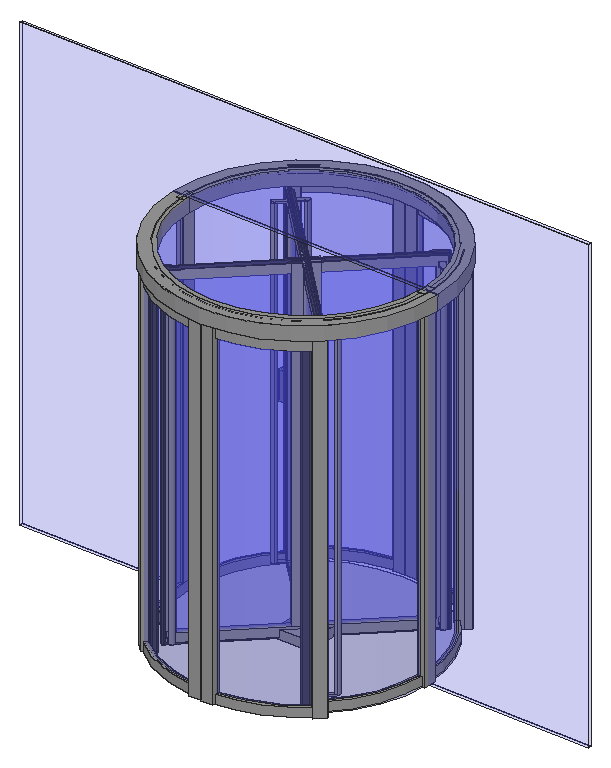
Revit family "Geryon SRD-S01", category Türen, Revit 2016
Family settings
  OmniClass-Nummer = 23.30.10.00
  OmniClass-Titel = Doors
  Immer vertikal = Ja
  Beim Laden mit Abzugskörper schneiden = Nein
  Gemeinsam genutzt = Nein
  Raumberechnungspunkt = Nein
Parameters (values of type "SRD-S01 v16")
  Youtube clip = ""
  Width = 1700.00 mm
  Weight = 0.00 kg
  Uniclass 2015 Code = ""
  URL = "http://www.kaba.com/physical-access-systems/en/solutions/92244/security-revolving-doors-and-security-turnstiles.html"
  Type Comments = ""
  Type = "Geryon SRD-S01"
  Technical description = "http://www.kaba.com/physical-access-systems/media/867250/v7/File/product-brochure-geryon-srd-and-sts.pdf"
  StandardUsed = "16"
  ProfileWidth = if(DoorThickness < 40.00 mm, 40.00 mm, DoorThickness)  # 40.00 mm
  ProfileCenter = if(DoorThickness < 40.00 mm, (40.00 mm - DoorThickness) / 2, 0.00 mm)  # 0.00 mm
  Product certification = ""
  Product SKU = "Geryon_SRD-S01"
  Nominal width = 0
  Nominal height = 2260
  Material secondary = "Glass"
  Material main = "Metal"
  Manufacturer name = "DORMA"
  Manufacturer country = "Germany"
  Installation instructions = ""
  HasShutOffDeviceInside180 = no
  HasShutOffDeviceInside120 = no
  HasShutOffDeviceInside = no
  HasShutOffDevice = no
  SectionWidth = 4300.00 mm
  RubberMaterial = Zellkautschuk - EPDM
  RotationInterval 180 = yes
  RotationInterval 120 = not(RotationInterval 180)  # no
  Power = ""
  OuterDiameter = "1800 mm"
  OperatingWeight = 0.00 kg
  MotorDriveType = "K8-SA1"
  Modell = "Talos RDR-E01"
  Manufacturer = "Kaba GmbH"
  Edition number = 1
  EAN code = ""
  Design country = "Germany"
  Konstruktionstyp = "Revolving Door"
  Hersteller = "Kaba GmbH"
  Height = ClearHeight + 100.00 mm  # 2500.00 mm
  HasShellTopFrame 180 = yes
  HasHandleBar = yes
  HasRoofGlassOnly = no
  HasCentralColumn 180 = and(HasCentralColumn, RotationInterval 180)  # yes
  HasCentralColumn 120 = and(HasCentralColumn, RotationInterval 120)  # no
  HasCentralColumn = yes
  GlassRoofTopside = Height - 8.00 mm  # 2492.00 mm
  GlassRoofWithFrame = not(HasRoofGlassOnly)  # yes
  GlassRoofDownside = Height - 21.00 mm  # 2479.00 mm
  GasShellTopFrame 120 = no
  HasLockInside 180 = and(HasLockInside, RotationInterval 180)  # yes
  HasLockInside 120 = and(HasLockInside, RotationInterval 120)  # no
  HasLockInside = yes
  HasLock 180 = and(HasLock, RotationInterval 180)  # yes
  HasLock 120 = and(HasLock, RotationInterval 120)  # no
  HasLock = yes
  HasGrabHandles 180 = and(or(HasGrabHandles, HasHandleBar), RotationInterval 180)  # yes
  HasGrabHandles 120 = and(or(HasGrabHandles, HasHandleBar), RotationInterval 120)  # no
  HasGrabHandles = not(HasHandleBar)  # no
  HasConsoleS2 180 = and(HasConsoleS2, RotationInterval 180)  # no
  HasConsoleS2 120 = and(HasConsoleS2, RotationInterval 120)  # no
  HasConsoleS2 = no
  HasConsoleS1 180 = and(HasConsoleS1, RotationInterval 180)  # no
  HasConsoleS1 120 = and(HasConsoleS1, RotationInterval 120)  # no
  HasConsoleS1 = no
  HandleMaterial = 1.4401 - A4
  Funktion = Außen
  FrameThicknessCenter = FrameThickness + 12.00 mm  # 75.00 mm
  FrameThickness = 63.00 mm
  FrameMaterial = 1.4401 - A4
  FrameHeight = if(HasRoofGlassOnly, ClearHeight + 13.00 mm, Height)  # 2500.00 mm
  ExpectedLife = ""
  ElementWeight = 0.00 kg
  DoorWidth = AccessLengthOrRadius - 40.00 mm  # 790.00 mm
  DoorThickness = 40.00 mm
  Dicke = DoorThickness  # 40.00 mm
  DiameterNightLockGlassOutside = Diameter + 50.00 mm  # 910.00 mm
  DiameterNightLockGlassInside = Diameter + 39.00 mm  # 899.00 mm
  DiameterNightLockFrame = Diameter + 21.00 mm  # 881.00 mm
  DiameterNightLockCover = Diameter + 60.00 mm  # 920.00 mm
  DiameterNightLock = Diameter + 30.00 mm  # 890.00 mm
  DiameterGlassInside = (Width / 2) - 11.00 mm  # 839.00 mm
  DiameterGlassOutside = (Width / 2) + 1.00 mm  # 851.00 mm
  DiameterCoverFront = Diameter + 80.00 mm  # 940.00 mm
  Diameter = (Width / 2) + 10.00 mm  # 860.00 mm
  CoverWidth = Height - ClearHeight  # 100.00 mm
  CoverMaterial = Glas
  ConsoleType = console : Type 5
  ConsoleS2 = if(HasLock, DiameterNightLockFrame + 48.00 mm, DiameterNightLockFrame)  # 929.00 mm
  ConsoleS1 = if(HasLockInside, DiameterNightLockFrame + 48.00 mm, DiameterNightLockFrame)  # 929.00 mm
  Colour = ""
  ClearHeight = 2400.00 mm
  BaseType = "390 mm / 580 mm\r\n79"
  Analytische Konstruktion = "<Keine Auswahl>"
  AccessLengthOrRadius = Diameter - 30.00 mm  # 830.00 mm
Reference planes
  plane 1 "Mitte (Vorne/Hinten)": y = 0
  plane 2: z = 0
  plane 3 "Mitte (Links/Rechts)": x = 0.023
  plane 4 "Section L": x = -2017.477
  plane 5 "Section R": x = 2017.523
  plane 6 "Oberkante": z = 3200
  plane 7: z = 2500
  plane 8 "access height": z = 2400
  plane 9 "180-4": through (-2115.474, 2115.497, 800) normal (0.7071, 0.7071, 0)
  plane 10 "180-1": through (2115.52, 2115.497, 800) normal (0.7071, -0.7071, 0)
  plane 11 "180-2": through (2115.52, -2115.497, 800) normal (-0.7071, -0.7071, 0)
  plane 12 "180-3": through (-2115.474, -2115.497, 800) normal (-0.7071, 0.7071, 0)
  plane 13 "120-1": through (-1495.859, 2590.944, 800) normal (0.866, 0.5, 0)
  plane 14 "120-2": y = 0
  plane 15 "120-3": through (-1495.859, -2590.944, 800) normal (-0.866, 0.5, 0)
  plane 16: through (0.023, 0, 1200) normal (0.9914, 0.1305, 0)
  plane 17: through (0.023, 0, 1200) normal (-0.9914, 0.1305, 0)
  plane 18: through (0.023, 0, 1200) normal (0.5, -0.866, 0)
  plane 19 "upperFrame": z = 2325
  plane 20 "120-3 normal": through (0.023, 0, 1200) normal (0.5, 0.866, 0)
Forms (mm)
  Extrusion 1, solid
    sketch origin (0, 0, 0) x (1, 0, 0) y (0, 0, 1)
      loop
        line (-2017.477, 0) -> (-849.977, 0) -> (-849.977, 2500) -> (850.023, 2500) -> (850.023, 0) -> (2017.523, 0) -> (2017.523, 3200) -> (-2017.477, 3200) -> (-2017.477, 0)
    from -12 to 12
  Extrusion 2, solid, material "1.4401 - A4" <- "FrameMaterial", visible <- "RotationInterval 180"
    sketch origin (100, 0, 0) x (1, 0, 0) y (0, 1, 0)
      loop
        line (-220.977, -121) -> (21.023, -121) -> (21.023, 121) -> (-220.977, 121) -> (-220.977, -121)
    from 0 to 63
  Extrusion 3, solid, visible <- "HasRoofGlassOnly"
    sketch origin (0, 0, 0) x (1, 0, 0) y (0, 1, 0)
      loop
        circle (0.023, 0) r 881
    from 2400 <- "ClearHeight" to 2500 <- "FrameHeight"
  Extrusion 4, solid, material "1.4401 - A4" <- "FrameMaterial", visible <- "RotationInterval 120"
    sketch origin (-8.69, 99.596, 0) x (-0.087156, 0.996195, 0) y (-0.996195, -0.087156, 0)
      loop
        line (82.191, 84.946) -> (-264.626, 115.289) -> (-117.495, -200.235) -> (82.191, 84.946)
    from 0 to 63
  Extrusion 5, solid, material "Glas" <- "CoverMaterial"
    sketch origin (265.046, 0, 0) x (-1, 0, 0) y (0, -1, 0)
      loop
        line (-350.701, -587.44) -> (-342.213, -578.952)
        arc (-342.213, -578.952) -> (-505.734, -331.443) -> (-572.9, -42.5) r 839
        line (-572.9, -42.5) -> (-584.915, -42.5)
        arc (-584.915, -42.5) -> (-516.821, -336.036) -> (-350.701, -587.44) r 851
      loop
        arc (-350.701, 587.439) -> (-516.822, 336.035) -> (-584.915, 42.5) r 851
        line (-584.915, 42.5) -> (-572.9, 42.5)
        arc (-572.9, 42.5) -> (-505.734, 331.443) -> (-342.214, 578.951) r 839
        line (-342.214, 578.951) -> (-350.701, 587.439)
    from 63 to 2400 <- "ClearHeight"
  Extrusion 6, solid
    sketch origin (48.5, -238.964, 0) x (1, 0, 0) y (0, 1, 0)
      loop
        line (-926.977, 196.464) -> (-878.477, 196.464) -> (-878.477, 281.464) -> (-926.977, 281.464) -> (-926.977, 196.464)
    from 0 to 2500 <- "FrameHeight"
  Extrusion 7, solid, visible <- "RotationInterval 180"
    sketch origin (-3.524, 3.547, 0) x (-0.707107, 0.707107, 0) y (0, 0, 1)
      loop
        line (784.984, 2385) -> (-5.016, 2385) -> (-5.016, 2322) -> (721.984, 2322) -> (721.984, 78) -> (-5.016, 78) -> (-5.016, 15) -> (784.984, 15) -> (784.984, 2385)
    from -20 to 20
  Extrusion 8, solid, visible <- "RotationInterval 180"
    sketch origin (2115.52, -2115.497, 800) x (0.707107, -0.707107, 0) y (0, 0, 1)
      loop
        line (-2201.764, 1585) -> (-2991.764, 1585) -> (-2991.764, 1522) -> (-2264.764, 1522) -> (-2264.764, -722) -> (-2991.764, -722) -> (-2991.764, -785) -> (-2201.764, -785) -> (-2201.764, 1585)
    from -20 to 20
  Extrusion 9, solid, visible <- "RotationInterval 180"
    sketch origin (0.012, 0.012, 0) x (-0.707107, 0.707107, 0) y (0, 0, 1)
      loop
        line (726.984, 2325) -> (-0.016, 2325) -> (-0.016, 63) -> (726.984, 63) -> (726.984, 2325)
    from 3 to 10
  Extrusion 10, solid, visible <- "RotationInterval 180"
    sketch origin (0.012, 0.012, 0) x (-0.707107, 0.707107, 0) y (0, 0, 1)
      loop
        line (726.984, 2325) -> (-0.016, 2325) -> (-0.016, 63) -> (726.984, 63) -> (726.984, 2325)
    from -10 to -3
  Extrusion 11, solid, visible <- "RotationInterval 180"
    sketch origin (2115.52, -2115.497, 800) x (0.707107, -0.707107, 0) y (0, 0, 1)
      loop
        line (-2264.764, 1525) -> (-2991.764, 1525) -> (-2991.764, -737) -> (-2264.764, -737) -> (-2264.764, 1525)
    from 3 to 10
  Extrusion 12, solid, visible <- "RotationInterval 180"
    sketch origin (2115.52, -2115.497, 800) x (0.707107, -0.707107, 0) y (0, 0, 1)
      loop
        line (-2264.764, 1525) -> (-2991.764, 1525) -> (-2991.764, -737) -> (-2264.764, -737) -> (-2264.764, 1525)
    from -10 to -3
  Extrusion 13, solid, visible <- "RotationInterval 180"
    sketch origin (0.012, -0.012, 0) x (0.707107, 0.707107, 0) y (0, 0, 1)
      loop
        line (790.016, 2385) -> (0.016, 2385) -> (0.016, 2322) -> (727.016, 2322) -> (727.016, 78) -> (0.016, 78) -> (0.016, 15) -> (790.016, 15) -> (790.016, 2385)
    from -20 to 20
  Extrusion 14, solid, visible <- "RotationInterval 180"
    sketch origin (0.012, -0.012, 0) x (0.707107, 0.707107, 0) y (0, 0, 1)
      loop
        line (727.016, 2325) -> (0.016, 2325) -> (0.016, 63) -> (727.016, 63) -> (727.016, 2325)
    from 3 to 10
  Extrusion 15, solid, visible <- "RotationInterval 180"
    sketch origin (0.012, -0.012, 0) x (0.707107, 0.707107, 0) y (0, 0, 1)
      loop
        line (727.016, 2325) -> (0.017, 2325) -> (0.017, 63) -> (727.016, 63) -> (727.016, 2325)
    from -10 to -3
  Extrusion 16, solid, visible <- "RotationInterval 180"
    sketch origin (0.012, -0.012, 0) x (-0.707107, -0.707107, 0) y (0, 0, 1)
      loop
        line (789.984, 2385) -> (-0.016, 2385) -> (-0.016, 2322) -> (726.984, 2322) -> (726.984, 78) -> (-0.016, 78) -> (-0.016, 15) -> (789.984, 15) -> (789.984, 2385)
    from -20 to 20
  Extrusion 17, solid, visible <- "RotationInterval 180"
    sketch origin (0.012, -0.012, 0) x (-0.707107, -0.707107, 0) y (0, 0, 1)
      loop
        line (726.984, 2325) -> (-0.017, 2325) -> (-0.017, 63) -> (726.984, 63) -> (726.984, 2325)
    from 3 to 10
  Extrusion 18, solid, visible <- "RotationInterval 180"
    sketch origin (0.012, -0.012, 0) x (-0.707107, -0.707107, 0) y (0, 0, 1)
      loop
        line (726.984, 2325) -> (-0.017, 2325) -> (-0.017, 63) -> (726.984, 63) -> (726.984, 2325)
    from -10 to -3
  Extrusion 19, solid
    sketch origin (-28.454, -238.964, 0) x (-1, 0, 0) y (0, -1, 0)
      loop
        line (-906.977, -196.464) -> (-906.977, -281.464) -> (-858.477, -281.464) -> (-858.477, -196.464) -> (-906.977, -196.464)
    from 0 to 2500 <- "FrameHeight"
  Extrusion 20, solid
    sketch origin (148.86, -189.109, 0) x (-0.707107, -0.707107, 0) y (0.707107, -0.707107, 0)
      loop
        line (-906.977, -218.964) -> (-906.977, -303.964) -> (-858.477, -303.964) -> (-858.477, -218.964) -> (-906.977, -218.964)
    from 0 to 2400
  Extrusion 21, solid, visible <- "RotationInterval 180"
    sketch origin (-148.814, 189.109, 0) x (0.707107, 0.707107, 0) y (-0.707107, 0.707107, 0)
      loop
        line (-906.977, -218.964) -> (-906.977, -303.964) -> (-858.477, -303.964) -> (-858.477, -218.964) -> (-906.977, -218.964)
    from 0 to 2400
  Extrusion 22, solid
    sketch origin (148.86, 189.109, 0) x (-0.707107, 0.707107, 0) y (-0.707107, -0.707107, 0)
      loop
        line (-906.977, 218.963) -> (-858.477, 218.963) -> (-858.477, 303.963) -> (-906.977, 303.963) -> (-906.977, 218.963)
    from 0 to 2400
  Extrusion 23, solid, visible <- "RotationInterval 120"
    sketch origin (22.836, 129.208, 0) x (-0.5, 0.866025, 0) y (0, 0, 1)
      loop
        line (689.509, 2385) -> (-100.491, 2385) -> (-100.491, 2322) -> (626.509, 2322) -> (626.509, 78) -> (-100.491, 78) -> (-100.491, 15) -> (689.509, 15) -> (689.509, 2385)
    from -104.36 to -64.36
  Extrusion 24, solid, visible <- "RotationInterval 120"
    sketch origin (0.017, 0.01, 0) x (-0.5, 0.866025, 0) y (0, 0, 1)
      loop
        line (726.988, 2322) -> (-0.012, 2322) -> (-0.012, 78) -> (726.988, 78) -> (726.988, 2322)
    from 3 to 10
  Extrusion 25, solid, visible <- "RotationInterval 120"
    sketch origin (0.017, 0.01, 0) x (-0.5, 0.866025, 0) y (0, 0, 1)
      loop
        line (726.988, 2322) -> (-0.012, 2322) -> (-0.012, 63) -> (726.988, 63) -> (726.988, 2322)
    from -10 to -3
  Extrusion 26, solid, visible <- "RotationInterval 120"
    sketch origin (0, 0, 0) x (1, 0, 0) y (0, 0, 1)
      loop
        line (790.023, 2385) -> (0.023, 2385) -> (0.023, 2322) -> (727.023, 2322) -> (727.023, 78) -> (0.023, 78) -> (0.023, 15) -> (790.023, 15) -> (790.023, 2385)
    from -20 to 20
  Extrusion 27, solid, visible <- "RotationInterval 120"
    sketch origin (0, 0, 0) x (1, 0, 0) y (0, 0, 1)
      loop
        line (727.023, 2325) -> (0.023, 2325) -> (0.023, 78) -> (727.023, 78) -> (727.023, 2325)
    from 3 to 10
  Extrusion 28, solid, visible <- "RotationInterval 120"
    sketch origin (0, 0, 0) x (1, 0, 0) y (0, 0, 1)
      loop
        line (727.023, 2325) -> (0.023, 2325) -> (0.023, 63) -> (727.023, 63) -> (727.023, 2325)
    from -10 to -3
  Extrusion 29, solid, visible <- "RotationInterval 120"
    sketch origin (0.017, -0.01, 0) x (-0.5, -0.866025, 0) y (0, 0, 1)
      loop
        line (726.988, 2322) -> (-0.789, 2322) -> (-0.789, 78) -> (726.988, 78) -> (726.988, 2322)
    from 3 to 10
  Extrusion 30, solid, visible <- "HasLock"
    sketch origin (0, 0, 0) x (1, 0, 0) y (0, 1, 0)
      loop
        line (860.023, 0) -> (940.023, 0)
        arc (940.023, 0) -> (0.023, 940) -> (-939.977, 0) r 940
        line (-939.977, 0) -> (-859.977, 0)
        arc (-859.977, 0) -> (0.023, 860) -> (860.023, 0) r 860
    from 2400 to 2500
  Sweep 31, solid, visible <- "RotationInterval 180"
    path in 3D
      loop
        line (14.165, -14.142, 2385) -> (-544.449, -572.756, 2385) -> (-544.449, -572.756, 15) -> (14.165, -14.142, 15)
    profile "brush profile : brush profile" origin (-265.142, -293.449, 2385) x (0.707107, -0.707107, 0) y (0, 0, 1)
      loop
        arc (-3.005, 0) -> (-0.742, 1.408) -> (-1.004, 4.06) r 2.523
        line (-1.004, 4.06) -> (-11.5, 14.434)
        arc (-11.5, 14.434) -> (-12.22, 14.806) -> (-13.021, 14.931) r 2.53
        line (-13.021, 14.931) -> (-15.617, 14.931)
        arc (-15.617, 14.931) -> (-16.966, 14.402) -> (-17.598, 13.097) r 1.987
        line (-17.598, 13.097) -> (-18.301, 4.016) -> (-20, 4.016) -> (-21.699, 4.016) -> (-22.402, 13.097)
        arc (-22.402, 13.097) -> (-23.034, 14.402) -> (-24.383, 14.931) r 1.987
        line (-24.383, 14.931) -> (-27, 14.931)
        arc (-27, 14.931) -> (-27.799, 14.809) -> (-28.521, 14.447) r 2.588
        line (-28.521, 14.447) -> (-38.818, 4.223)
        arc (-38.818, 4.223) -> (-39.312, 1.516) -> (-37.017, 0) r 2.496
        line (-37.017, 0) -> (-3.005, 0)
  Sweep 32, solid, visible <- "RotationInterval 180"
    path in 3D
      loop
        line (-14.119, -14.142, 15) -> (544.495, -572.756, 15) -> (544.495, -572.756, 2385) -> (-14.119, -14.142, 2385)
    profile "brush profile : brush profile" origin (265.188, -293.449, 2385) x (-0.707107, -0.707107, 0) y (0, 0, 1)
      loop
        arc (-3.005, 0) -> (-0.742, 1.408) -> (-1.004, 4.06) r 2.523
        line (-1.004, 4.06) -> (-11.5, 14.434)
        arc (-11.5, 14.434) -> (-12.22, 14.806) -> (-13.021, 14.931) r 2.53
        line (-13.021, 14.931) -> (-15.617, 14.931)
        arc (-15.617, 14.931) -> (-16.966, 14.402) -> (-17.598, 13.097) r 1.987
        line (-17.598, 13.097) -> (-18.301, 4.016) -> (-20, 4.016) -> (-21.699, 4.016) -> (-22.402, 13.097)
        arc (-22.402, 13.097) -> (-23.034, 14.402) -> (-24.383, 14.931) r 1.987
        line (-24.383, 14.931) -> (-27, 14.931)
        arc (-27, 14.931) -> (-27.799, 14.809) -> (-28.521, 14.447) r 2.588
        line (-28.521, 14.447) -> (-38.818, 4.223)
        arc (-38.818, 4.223) -> (-39.312, 1.516) -> (-37.017, 0) r 2.496
        line (-37.017, 0) -> (-3.005, 0)
  Sweep 33, solid, visible <- "RotationInterval 120"
    path in 3D
      loop
        line (0.023, 20, 2385) -> (790.023, 20, 2385) -> (790.023, 20, 15) -> (0.023, 20, 15)
    profile "brush profile : brush profile" origin (395.023, 20, 2385) x (0, 1, 0) y (0, 0, 1)
      loop
        arc (-3.005, 0) -> (-0.742, 1.408) -> (-1.004, 4.06) r 2.523
        line (-1.004, 4.06) -> (-11.5, 14.434)
        arc (-11.5, 14.434) -> (-12.22, 14.806) -> (-13.021, 14.931) r 2.53
        line (-13.021, 14.931) -> (-15.617, 14.931)
        arc (-15.617, 14.931) -> (-16.966, 14.402) -> (-17.598, 13.097) r 1.987
        line (-17.598, 13.097) -> (-18.301, 4.016) -> (-20, 4.016) -> (-21.699, 4.016) -> (-22.402, 13.097)
        arc (-22.402, 13.097) -> (-23.034, 14.402) -> (-24.383, 14.931) r 1.987
        line (-24.383, 14.931) -> (-27, 14.931)
        arc (-27, 14.931) -> (-27.799, 14.809) -> (-28.521, 14.447) r 2.588
        line (-28.521, 14.447) -> (-38.818, 4.223)
        arc (-38.818, 4.223) -> (-39.312, 1.516) -> (-37.017, 0) r 2.496
        line (-37.017, 0) -> (-3.005, 0)
  Sweep 34, solid, visible <- "RotationInterval 180"
    path in 3D
      loop
        line (14.165, -14.142, 15) -> (572.78, 544.472, 15) -> (572.78, 544.472, 2385) -> (14.165, -14.142, 2385)
    profile "brush profile : brush profile" origin (293.472, 265.165, 2385) x (0.707107, -0.707107, 0) y (0, 0, 1)
      loop
        arc (-3.005, 0) -> (-0.742, 1.408) -> (-1.004, 4.06) r 2.523
        line (-1.004, 4.06) -> (-11.5, 14.434)
        arc (-11.5, 14.434) -> (-12.22, 14.806) -> (-13.021, 14.931) r 2.53
        line (-13.021, 14.931) -> (-15.617, 14.931)
        arc (-15.617, 14.931) -> (-16.966, 14.402) -> (-17.598, 13.097) r 1.987
        line (-17.598, 13.097) -> (-18.301, 4.016) -> (-20, 4.016) -> (-21.699, 4.016) -> (-22.402, 13.097)
        arc (-22.402, 13.097) -> (-23.034, 14.402) -> (-24.383, 14.931) r 1.987
        line (-24.383, 14.931) -> (-27, 14.931)
        arc (-27, 14.931) -> (-27.799, 14.809) -> (-28.521, 14.447) r 2.588
        line (-28.521, 14.447) -> (-38.818, 4.223)
        arc (-38.818, 4.223) -> (-39.312, 1.516) -> (-37.017, 0) r 2.496
        line (-37.017, 0) -> (-3.005, 0)
  Sweep 35, solid, visible <- "RotationInterval 120"
    path in 3D
      loop
        line (17.344, 10, 15) -> (-377.656, 694.16, 15) -> (-377.656, 694.16, 2385) -> (17.344, 10, 2385)
    profile "brush profile : brush profile" origin (-180.156, 352.08, 2385) x (0.866025, 0.5, 0) y (0, 0, 1)
      loop
        arc (-3.005, 0) -> (-0.742, 1.408) -> (-1.004, 4.06) r 2.523
        line (-1.004, 4.06) -> (-11.5, 14.434)
        arc (-11.5, 14.434) -> (-12.22, 14.806) -> (-13.021, 14.931) r 2.53
        line (-13.021, 14.931) -> (-15.617, 14.931)
        arc (-15.617, 14.931) -> (-16.966, 14.402) -> (-17.598, 13.097) r 1.987
        line (-17.598, 13.097) -> (-18.301, 4.016) -> (-20, 4.016) -> (-21.699, 4.016) -> (-22.402, 13.097)
        arc (-22.402, 13.097) -> (-23.034, 14.402) -> (-24.383, 14.931) r 1.987
        line (-24.383, 14.931) -> (-27, 14.931)
        arc (-27, 14.931) -> (-27.799, 14.809) -> (-28.521, 14.447) r 2.588
        line (-28.521, 14.447) -> (-38.818, 4.223)
        arc (-38.818, 4.223) -> (-39.312, 1.516) -> (-37.017, 0) r 2.496
        line (-37.017, 0) -> (-3.005, 0)
  Sweep 36, solid, visible <- "RotationInterval 180"
    path in 3D
      loop
        line (14.165, 14.142, 15) -> (-544.449, 572.756, 15) -> (-544.449, 572.756, 2385) -> (14.165, 14.142, 2385)
    profile "brush profile : brush profile" origin (-265.142, 293.449, 2385) x (0.707107, 0.707107, 0) y (0, 0, 1)
      loop
        arc (-3.005, 0) -> (-0.742, 1.408) -> (-1.004, 4.06) r 2.523
        line (-1.004, 4.06) -> (-11.5, 14.434)
        arc (-11.5, 14.434) -> (-12.22, 14.806) -> (-13.021, 14.931) r 2.53
        line (-13.021, 14.931) -> (-15.617, 14.931)
        arc (-15.617, 14.931) -> (-16.966, 14.402) -> (-17.598, 13.097) r 1.987
        line (-17.598, 13.097) -> (-18.301, 4.016) -> (-20, 4.016) -> (-21.699, 4.016) -> (-22.402, 13.097)
        arc (-22.402, 13.097) -> (-23.034, 14.402) -> (-24.383, 14.931) r 1.987
        line (-24.383, 14.931) -> (-27, 14.931)
        arc (-27, 14.931) -> (-27.799, 14.809) -> (-28.521, 14.447) r 2.588
        line (-28.521, 14.447) -> (-38.818, 4.223)
        arc (-38.818, 4.223) -> (-39.312, 1.516) -> (-37.017, 0) r 2.496
        line (-37.017, 0) -> (-3.005, 0)
  Sweep 37, solid, visible <- "RotationInterval 120"
    path in 3D
      loop
        line (-17.297, 10, 15) -> (-412.297, -674.16, 15) -> (-412.297, -674.16, 2385) -> (-17.297, 10, 2385)
    profile "brush profile : brush profile" origin (-214.797, -332.08, 15) x (-0.866025, 0.5, 0) y (0, 0, -1)
      loop
        arc (-3.005, 0) -> (-0.742, 1.408) -> (-1.004, 4.06) r 2.523
        line (-1.004, 4.06) -> (-11.5, 14.434)
        arc (-11.5, 14.434) -> (-12.22, 14.806) -> (-13.021, 14.931) r 2.53
        line (-13.021, 14.931) -> (-15.617, 14.931)
        arc (-15.617, 14.931) -> (-16.966, 14.402) -> (-17.598, 13.097) r 1.987
        line (-17.598, 13.097) -> (-18.301, 4.016) -> (-20, 4.016) -> (-21.699, 4.016) -> (-22.402, 13.097)
        arc (-22.402, 13.097) -> (-23.034, 14.402) -> (-24.383, 14.931) r 1.987
        line (-24.383, 14.931) -> (-27, 14.931)
        arc (-27, 14.931) -> (-27.799, 14.809) -> (-28.521, 14.447) r 2.588
        line (-28.521, 14.447) -> (-38.818, 4.223)
        arc (-38.818, 4.223) -> (-39.312, 1.516) -> (-37.017, 0) r 2.496
        line (-37.017, 0) -> (-3.005, 0)
  Extrusion 38, solid, material "PVC-Hart"
    sketch origin (0, 0, 0) x (1, 0, 0) y (0, 1, 0)
      loop
        circle (0.023, 0) r 860
    from -8 to 1
  Extrusion 39, solid, visible <- "HasLockInside"
    sketch origin (0, 0, 0) x (1, 0, 0) y (0, 1, 0)
      loop
        arc (860.023, 0) -> (0.023, -860) -> (-859.977, 0) r 860
        line (-859.977, 0) -> (-939.977, 0)
        arc (-939.977, 0) -> (0.023, -940) -> (940.023, 0) r 940
        line (940.023, 0) -> (860.023, 0)
    from 2400 to 2500
  Extrusion 40, solid, visible <- "HasLockInside 180"
    sketch origin (238.987, 28.477, 0) x (0, 1, 0) y (-1, 0, 0)
      loop
        arc (-957.977, 240.764) -> (-957.45, 239.491) -> (-956.177, 238.964) r 1.8
        line (-956.177, 238.964) -> (-911.477, 238.964)
        arc (-911.477, 238.964) -> (-910.063, 239.55) -> (-909.477, 240.964) r 2
        line (-909.477, 240.964) -> (-909.477, 321.964)
        arc (-909.477, 321.964) -> (-910.063, 323.378) -> (-911.477, 323.964) r 2
        line (-911.477, 323.964) -> (-956.177, 323.964)
        arc (-956.177, 323.964) -> (-957.45, 323.437) -> (-957.977, 322.164) r 1.8
        line (-957.977, 322.164) -> (-957.977, 240.764)
    from 0 to 2400
  Extrusion 41, solid, visible <- "HasLockInside 180"
    sketch origin (-238.941, 28.477, 0) x (0, 1, 0) y (-1, 0, 0)
      loop
        line (-957.977, -240.964) -> (-957.977, -321.964)
        arc (-957.977, -321.964) -> (-957.391, -323.378) -> (-955.977, -323.964) r 2
        line (-955.977, -323.964) -> (-911.477, -323.964)
        arc (-911.477, -323.964) -> (-910.063, -323.378) -> (-909.477, -321.964) r 2
        line (-909.477, -321.964) -> (-909.477, -240.964)
        arc (-909.477, -240.964) -> (-910.063, -239.55) -> (-911.477, -238.964) r 2
        line (-911.477, -238.964) -> (-955.977, -238.964)
        arc (-955.977, -238.964) -> (-957.391, -239.55) -> (-957.977, -240.964) r 2
    from 0 to 2400
  Extrusion 42, solid, visible <- "HasLockInside 180"
    sketch origin (219.184, -178.889, 0) x (0.707107, 0.707107, 0) y (-0.707107, 0.707107, 0)
      loop
        arc (-957.977, 218.464) -> (-957.391, 217.05) -> (-955.977, 216.464) r 2
        line (-955.977, 216.464) -> (-911.477, 216.464)
        arc (-911.477, 216.464) -> (-910.063, 217.05) -> (-909.477, 218.464) r 2
        line (-909.477, 218.464) -> (-909.477, 299.464)
        arc (-909.477, 299.464) -> (-910.063, 300.878) -> (-911.477, 301.464) r 2
        line (-911.477, 301.464) -> (-955.977, 301.464)
        arc (-955.977, 301.464) -> (-957.391, 300.878) -> (-957.977, 299.464) r 2
        line (-957.977, 299.464) -> (-957.977, 218.464)
    from 0 to 2400
  Extrusion 43, solid, visible <- "HasLockInside"
    sketch origin (-219.138, -178.889, 0) x (-0.707107, 0.707107, 0) y (-0.707107, -0.707107, 0)
      loop
        line (-957.977, -218.462) -> (-957.977, -299.462)
        arc (-957.977, -299.462) -> (-957.391, -300.877) -> (-955.977, -301.462) r 2
        line (-955.977, -301.462) -> (-911.477, -301.462)
        arc (-911.477, -301.462) -> (-910.063, -300.877) -> (-909.477, -299.462) r 2
        line (-909.477, -299.462) -> (-909.477, -218.462)
        arc (-909.477, -218.462) -> (-910.063, -217.048) -> (-911.477, -216.462) r 2
        line (-911.477, -216.462) -> (-955.977, -216.462)
        arc (-955.977, -216.462) -> (-957.391, -217.048) -> (-957.977, -218.462) r 2
    from 0 to 2400
  Extrusion 44, solid, visible <- "HasLockInside 180"
    sketch origin (0, 0, 0) x (1, 0, 0) y (0, 1, 0)
      loop
        line (-581.659, -673.606) -> (-602.927, -694.875)
        arc (-602.927, -694.875) -> (-361.294, -846.079) -> (-84.977, -916.065) r 920
        line (-84.977, -916.065) -> (-84.977, -885.932)
        arc (-84.977, -885.932) -> (-349.815, -818.36) -> (-581.659, -673.606) r 890
    from 0 to 63
  Extrusion 45, solid, visible <- "HasLockInside 180"
    sketch origin (0, 0, 0) x (1, 0, 0) y (0, 1, 0)
      loop
        arc (-84.977, -894.973) -> (-353.259, -826.676) -> (-588.04, -679.987) r 899
        line (-588.04, -679.987) -> (-595.838, -687.786)
        arc (-595.838, -687.786) -> (-357.468, -836.839) -> (-84.977, -906.022) r 910
        line (-84.977, -906.022) -> (-84.977, -894.973)
    from 63 to 2325
  Extrusion 46, solid, visible <- "HasLockInside 180"
    sketch origin (0.046, 0, 0) x (-1, 0, 0) y (0, -1, 0)
      loop
        line (-84.977, 894.973) -> (-84.977, 906.022)
        arc (-84.977, 906.022) -> (-357.467, 836.84) -> (-595.837, 687.787) r 910
        line (-595.837, 687.787) -> (-588.039, 679.988)
        arc (-588.039, 679.988) -> (-353.258, 826.676) -> (-84.977, 894.973) r 899
    from 63 to 2325
  Extrusion 47, solid, visible <- "HasLockInside 180"
    sketch origin (0, 0, 0) x (1, 0, 0) y (0, 1, 0)
      loop
        line (77.862, -886.59) -> (77.862, -916.701)
        arc (77.862, -916.701) -> (358.031, -847.485) -> (602.972, -694.876) r 920
        line (602.972, -694.876) -> (581.704, -673.607)
        arc (581.704, -673.607) -> (346.552, -819.767) -> (77.862, -886.59) r 890
    from 0 to 63
  Extrusion 48, solid, visible <- "HasLockInside 180"
    sketch origin (0, 0, 0) x (1, 0, 0) y (0, 1, 0)
      loop
        line (77.862, -886.59) -> (77.862, -916.701)
        arc (77.862, -916.701) -> (358.031, -847.485) -> (602.972, -694.876) r 920
        line (602.972, -694.876) -> (581.704, -673.607)
        arc (581.704, -673.607) -> (346.552, -819.767) -> (77.862, -886.59) r 890
      loop
        arc (-602.927, -694.875) -> (-361.294, -846.079) -> (-84.977, -916.065) r 920
        line (-84.977, -916.065) -> (-84.977, -885.932)
        arc (-84.977, -885.932) -> (-349.815, -818.36) -> (-581.659, -673.606) r 890
        line (-581.659, -673.606) -> (-602.927, -694.875)
    from 2325 to 2400
  Extrusion 49, solid, visible <- "HasLock 180"
    sketch origin (238.987, -28.477, 0) x (0, -1, 0) y (1, 0, 0)
      loop
        line (-957.977, -240.764) -> (-957.977, -322.164)
        arc (-957.977, -322.164) -> (-957.45, -323.437) -> (-956.177, -323.964) r 1.8
        line (-956.177, -323.964) -> (-911.477, -323.964)
        arc (-911.477, -323.964) -> (-910.063, -323.378) -> (-909.477, -321.964) r 2
        line (-909.477, -321.964) -> (-909.477, -240.964)
        arc (-909.477, -240.964) -> (-910.063, -239.55) -> (-911.477, -238.964) r 2
        line (-911.477, -238.964) -> (-956.177, -238.964)
        arc (-956.177, -238.964) -> (-957.45, -239.491) -> (-957.977, -240.764) r 1.8
    from 0 to 2400
  Extrusion 50, solid, visible <- "HasLock 180"
    sketch origin (-238.941, -28.477, 0) x (0, -1, 0) y (1, 0, 0)
      loop
        arc (-957.977, 240.965) -> (-957.391, 239.551) -> (-955.977, 238.965) r 2
        line (-955.977, 238.965) -> (-911.477, 238.965)
        arc (-911.477, 238.965) -> (-910.063, 239.551) -> (-909.477, 240.965) r 2
        line (-909.477, 240.965) -> (-909.477, 321.965)
        arc (-909.477, 321.965) -> (-910.063, 323.379) -> (-911.477, 323.965) r 2
        line (-911.477, 323.965) -> (-955.977, 323.965)
        arc (-955.977, 323.965) -> (-957.391, 323.379) -> (-957.977, 321.965) r 2
        line (-957.977, 321.965) -> (-957.977, 240.965)
    from 0 to 2400
  Extrusion 51, solid, visible <- "HasLock 180"
    sketch origin (219.184, 178.889, 0) x (0.707107, -0.707107, 0) y (0.707107, 0.707107, 0)
      loop
        line (-957.977, -218.465) -> (-957.977, -299.465)
        arc (-957.977, -299.465) -> (-957.391, -300.879) -> (-955.977, -301.465) r 2
        line (-955.977, -301.465) -> (-911.477, -301.465)
        arc (-911.477, -301.465) -> (-910.063, -300.879) -> (-909.477, -299.465) r 2
        line (-909.477, -299.465) -> (-909.477, -218.465)
        arc (-909.477, -218.465) -> (-910.063, -217.05) -> (-911.477, -216.465) r 2
        line (-911.477, -216.465) -> (-955.977, -216.465)
        arc (-955.977, -216.465) -> (-957.391, -217.05) -> (-957.977, -218.465) r 2
    from 0 to 2400
  Extrusion 52, solid, visible <- "HasLock"
    sketch origin (-219.138, 178.889, 0) x (-0.707107, -0.707107, 0) y (0.707107, -0.707107, 0)
      loop
        arc (-957.977, 218.464) -> (-957.391, 217.05) -> (-955.977, 216.464) r 2
        line (-955.977, 216.464) -> (-911.477, 216.464)
        arc (-911.477, 216.464) -> (-910.063, 217.05) -> (-909.477, 218.464) r 2
        line (-909.477, 218.464) -> (-909.477, 299.464)
        arc (-909.477, 299.464) -> (-910.063, 300.878) -> (-911.477, 301.464) r 2
        line (-911.477, 301.464) -> (-955.977, 301.464)
        arc (-955.977, 301.464) -> (-957.391, 300.878) -> (-957.977, 299.464) r 2
        line (-957.977, 299.464) -> (-957.977, 218.464)
    from 0 to 2400
  Extrusion 53, solid, visible <- "HasLock 180"
    sketch origin (0, 0, 0) x (1, 0, 0) y (0, 1, 0)
      loop
        line (-84.977, 894.973) -> (-84.977, 906.022)
        arc (-84.977, 906.022) -> (-357.468, 836.839) -> (-595.839, 687.785) r 910
        line (-595.839, 687.785) -> (-588.041, 679.987)
        arc (-588.041, 679.987) -> (-353.259, 826.676) -> (-84.977, 894.973) r 899
    from 63 to 2325
  Extrusion 54, solid, visible <- "HasLock 180"
    sketch origin (0.046, 0, 0) x (-1, 0, 0) y (0, -1, 0)
      loop
        arc (-84.977, -894.973) -> (-353.259, -826.676) -> (-588.04, -679.987) r 899
        line (-588.04, -679.987) -> (-595.839, -687.786)
        arc (-595.839, -687.786) -> (-357.468, -836.839) -> (-84.977, -906.022) r 910
        line (-84.977, -906.022) -> (-84.977, -894.973)
    from 63 to 2325
  Extrusion 55, solid, visible <- "HasLock 180"
    sketch origin (0, 0, 0) x (1, 0, 0) y (0, 1, 0)
      loop
        arc (-84.977, 916.065) -> (-361.295, 846.079) -> (-602.928, 694.874) r 920
        line (-602.928, 694.874) -> (-581.66, 673.606)
        arc (-581.66, 673.606) -> (-349.816, 818.36) -> (-84.977, 885.932) r 890
        line (-84.977, 885.932) -> (-84.977, 916.065)
      loop
        line (581.706, 673.606) -> (602.974, 694.874)
        arc (602.974, 694.874) -> (361.341, 846.079) -> (85.024, 916.065) r 920
        line (85.024, 916.065) -> (85.024, 885.932)
        arc (85.024, 885.932) -> (349.862, 818.36) -> (581.706, 673.606) r 890
    from 0 to 63
  Extrusion 56, solid, visible <- "HasLock 180"
    sketch origin (0, 0, 0) x (1, 0, 0) y (0, 1, 0)
      loop
        arc (-84.977, 916.065) -> (-361.295, 846.079) -> (-602.928, 694.874) r 920
        line (-602.928, 694.874) -> (-581.66, 673.606)
        arc (-581.66, 673.606) -> (-349.816, 818.36) -> (-84.977, 885.932) r 890
        line (-84.977, 885.932) -> (-84.977, 916.065)
      loop
        line (581.706, 673.606) -> (602.974, 694.874)
        arc (602.974, 694.874) -> (361.341, 846.079) -> (85.024, 916.065) r 920
        line (85.024, 916.065) -> (85.024, 885.932)
        arc (85.024, 885.932) -> (349.862, 818.36) -> (581.706, 673.606) r 890
    from 2325 to 2400
  Extrusion 57, solid, visible <- "RotationInterval 120"
    sketch origin (258.017, 116.07, 0) x (0.5, -0.866025, 0) y (0.866025, 0.5, 0)
      loop
        line (-906.977, -218.465) -> (-906.977, -299.465)
        arc (-906.977, -299.465) -> (-906.391, -300.879) -> (-904.977, -301.465) r 2
        line (-904.977, -301.465) -> (-860.477, -301.465)
        arc (-860.477, -301.465) -> (-859.063, -300.879) -> (-858.477, -299.465) r 2
        line (-858.477, -299.465) -> (-858.477, -218.465)
        arc (-858.477, -218.465) -> (-859.063, -217.05) -> (-860.477, -216.465) r 2
        line (-860.477, -216.465) -> (-904.977, -216.465)
        arc (-904.977, -216.465) -> (-906.391, -217.05) -> (-906.977, -218.465) r 2
    from 0 to 2400
  Extrusion 58, solid, material "Glas" <- "CoverMaterial", visible <- "RotationInterval 180"
    sketch origin (100, 0, 0) x (1, 0, 0) y (0, 1, 0)
      loop
        arc (-701.725, 601.748) -> (-877.819, 345.201) -> (-949.915, 42.5) r 851
        line (-949.915, 42.5) -> (-937.9, 42.5)
        arc (-937.9, 42.5) -> (-866.728, 340.607) -> (-693.239, 593.263) r 839
        line (-693.239, 593.263) -> (-701.725, 601.748)
      loop
        line (-937.9, -42.5) -> (-949.915, -42.5)
        arc (-949.915, -42.5) -> (-877.819, -345.201) -> (-701.725, -601.748) r 851
        line (-701.725, -601.748) -> (-693.239, -593.263)
        arc (-693.239, -593.263) -> (-866.728, -340.607) -> (-937.9, -42.5) r 839
    from 63 to 2400 <- "ClearHeight"
  Extrusion 59, solid, visible <- "RotationInterval 180"
    sketch origin (0, 0, 0) x (1, 0, 0) y (0, 1, 0)
      loop
        arc (-608.089, 608.112) -> (-859.977, 0) -> (-608.089, -608.112) r 860
        line (-608.089, -608.112) -> (-586.876, -586.899)
        arc (-586.876, -586.899) -> (-829.977, 0) -> (-586.876, 586.899) r 830
        line (-586.876, 586.899) -> (-608.089, 608.112)
    from 0 to 63
  Extrusion 60, solid, visible <- "RotationInterval 180"
    sketch origin (219.184, 178.889, 0) x (0.707107, -0.707107, 0) y (0.707107, 0.707107, 0)
      loop
        line (-906.977, -218.464) -> (-906.977, -299.464)
        arc (-906.977, -299.464) -> (-906.391, -300.878) -> (-904.977, -301.464) r 2
        line (-904.977, -301.464) -> (-860.477, -301.464)
        arc (-860.477, -301.464) -> (-859.063, -300.878) -> (-858.477, -299.464) r 2
        line (-858.477, -299.464) -> (-858.477, -218.464)
        arc (-858.477, -218.464) -> (-859.063, -217.05) -> (-860.477, -216.464) r 2
        line (-860.477, -216.464) -> (-904.977, -216.464)
        arc (-904.977, -216.464) -> (-906.391, -217.05) -> (-906.977, -218.464) r 2
    from 0 to 2400
  Extrusion 61, solid, visible <- "RotationInterval 120"
    sketch origin (-148.814, 189.109, 0) x (0.707107, 0.707107, 0) y (-0.707107, 0.707107, 0)
      loop
        line (-882.219, -447.018) -> (-860.219, -529.122) -> (-813.372, -516.569) -> (-835.372, -434.465) -> (-882.219, -447.018)
    from 0 to 2400
  Extrusion 62, solid, visible <- "HasLockInside 120"
    sketch origin (258.017, -116.07, 0) x (0.5, 0.866025, 0) y (-0.866025, 0.5, 0)
      loop
        arc (-957.977, 218.464) -> (-957.391, 217.05) -> (-955.977, 216.464) r 2
        line (-955.977, 216.464) -> (-911.477, 216.464)
        arc (-911.477, 216.464) -> (-910.063, 217.05) -> (-909.477, 218.464) r 2
        line (-909.477, 218.464) -> (-909.477, 299.464)
        arc (-909.477, 299.464) -> (-910.063, 300.878) -> (-911.477, 301.464) r 2
        line (-911.477, 301.464) -> (-955.977, 301.464)
        arc (-955.977, 301.464) -> (-957.391, 300.878) -> (-957.977, 299.464) r 2
        line (-957.977, 299.464) -> (-957.977, 218.464)
    from 0 to 2400
  Extrusion 63, solid, visible <- "HasLockInside 120"
    sketch origin (0, 0, 0) x (1, 0, 0) y (0, 1, 0)
      loop
        line (-444.977, -770.763) -> (-459.977, -796.743)
        arc (-459.977, -796.743) -> (120.107, -912.129) -> (650.561, -650.538) r 920
        line (650.561, -650.538) -> (629.348, -629.325)
        arc (629.348, -629.325) -> (116.191, -882.386) -> (-444.977, -770.763) r 890
    from 0 to 63
  Extrusion 64, solid, visible <- "HasLockInside 120"
    sketch origin (0, 0, 0) x (1, 0, 0) y (0, 1, 0)
      loop
        arc (-397.523, -818.57) -> (-187.34, -890.503) -> (34.01, -909.365) r 910
        line (34.01, -909.365) -> (32.568, -898.411)
        arc (32.568, -898.411) -> (-185.194, -879.713) -> (-392.009, -809.019) r 899
        line (-392.009, -809.019) -> (-397.523, -818.57)
      loop
        line (595.883, -687.787) -> (588.085, -679.988)
        arc (588.085, -679.988) -> (406.615, -801.8) -> (201.113, -876.221) r 899
        line (201.113, -876.221) -> (202.555, -887.176)
        arc (202.555, -887.176) -> (411.48, -811.667) -> (595.883, -687.787) r 910
    from 63 to 2325
  Extrusion 65, solid, visible <- "HasLockInside 120"
    sketch origin (0, 0, 0) x (1, 0, 0) y (0, 1, 0)
      loop
        arc (588.085, -679.988) -> (406.615, -801.8) -> (201.113, -876.221) r 899
        line (201.113, -876.221) -> (202.555, -887.176)
        arc (202.555, -887.176) -> (411.48, -811.667) -> (595.883, -687.787) r 910
        line (595.883, -687.787) -> (588.085, -679.988)
      loop
        arc (32.568, -898.411) -> (-185.194, -879.713) -> (-392.009, -809.019) r 899
        line (-392.009, -809.019) -> (-397.523, -818.57)
        arc (-397.523, -818.57) -> (-187.34, -890.503) -> (34.01, -909.365) r 910
        line (34.01, -909.365) -> (32.568, -898.411)
    from 2325 to 2400
  Extrusion 66, solid, visible <- "HasLockInside 120"
    sketch origin (233.226, 59.424, 0) x (-0.130526, 0.991445, 0) y (-0.991445, -0.130526, 0)
      loop
        arc (-957.977, 240.764) -> (-957.45, 239.491) -> (-956.177, 238.964) r 1.8
        line (-956.177, 238.964) -> (-911.477, 238.964)
        arc (-911.477, 238.964) -> (-910.063, 239.55) -> (-909.477, 240.964) r 2
        line (-909.477, 240.964) -> (-909.477, 321.964)
        arc (-909.477, 321.964) -> (-910.063, 323.378) -> (-911.477, 323.964) r 2
        line (-911.477, 323.964) -> (-956.177, 323.964)
        arc (-956.177, 323.964) -> (-957.45, 323.437) -> (-957.977, 322.164) r 1.8
        line (-957.977, 322.164) -> (-957.977, 240.764)
    from 0 to 2400
  Extrusion 67, solid, visible <- "HasLockInside 120"
    sketch origin (-240.614, -2.958, 0) x (-0.130526, 0.991445, 0) y (-0.991445, -0.130526, 0)
      loop
        line (-957.977, -240.764) -> (-957.977, -322.164)
        arc (-957.977, -322.164) -> (-957.45, -323.437) -> (-956.177, -323.964) r 1.8
        line (-956.177, -323.964) -> (-911.477, -323.964)
        arc (-911.477, -323.964) -> (-910.063, -323.378) -> (-909.477, -321.964) r 2
        line (-909.477, -321.964) -> (-909.477, -240.964)
        arc (-909.477, -240.964) -> (-910.063, -239.55) -> (-911.477, -238.964) r 2
        line (-911.477, -238.964) -> (-956.177, -238.964)
        arc (-956.177, -238.964) -> (-957.45, -239.491) -> (-957.977, -240.764) r 1.8
    from 0 to 2400
  Extrusion 68, solid, visible <- "HasLockInside 120"
    sketch origin (0, 0, 0) x (1, 0, 0) y (0, 1, 0)
      loop
        line (-444.977, -770.763) -> (-459.977, -796.743)
        arc (-459.977, -796.743) -> (120.107, -912.129) -> (650.561, -650.538) r 920
        line (650.561, -650.538) -> (629.348, -629.325)
        arc (629.348, -629.325) -> (116.191, -882.386) -> (-444.977, -770.763) r 890
    from 2325 to 2400
  Extrusion 69, solid, visible <- "HasLock 120"
    sketch origin (258.017, 116.07, 0) x (0.5, -0.866025, 0) y (0.866025, 0.5, 0)
      loop
        line (-957.977, -218.464) -> (-957.977, -299.464)
        arc (-957.977, -299.464) -> (-957.391, -300.878) -> (-955.977, -301.464) r 2
        line (-955.977, -301.464) -> (-911.477, -301.464)
        arc (-911.477, -301.464) -> (-910.063, -300.878) -> (-909.477, -299.464) r 2
        line (-909.477, -299.464) -> (-909.477, -218.464)
        arc (-909.477, -218.464) -> (-910.063, -217.05) -> (-911.477, -216.464) r 2
        line (-911.477, -216.464) -> (-955.977, -216.464)
        arc (-955.977, -216.464) -> (-957.391, -217.05) -> (-957.977, -218.464) r 2
    from 0 to 2400
  Extrusion 70, solid, visible <- "HasLock 120"
    sketch origin (233.226, -59.424, 0) x (-0.130526, -0.991445, 0) y (0.991445, -0.130526, 0)
      loop
        line (-957.977, -240.764) -> (-957.977, -322.164)
        arc (-957.977, -322.164) -> (-957.45, -323.437) -> (-956.177, -323.964) r 1.8
        line (-956.177, -323.964) -> (-911.477, -323.964)
        arc (-911.477, -323.964) -> (-910.063, -323.378) -> (-909.477, -321.964) r 2
        line (-909.477, -321.964) -> (-909.477, -240.964)
        arc (-909.477, -240.964) -> (-910.063, -239.55) -> (-911.477, -238.964) r 2
        line (-911.477, -238.964) -> (-956.177, -238.964)
        arc (-956.177, -238.964) -> (-957.45, -239.491) -> (-957.977, -240.764) r 1.8
    from 0 to 2400
  Extrusion 71, solid, visible <- "HasLock 120"
    sketch origin (-240.614, 2.958, 0) x (-0.130526, -0.991445, 0) y (0.991445, -0.130526, 0)
      loop
        arc (-957.977, 240.764) -> (-957.45, 239.491) -> (-956.177, 238.964) r 1.8
        line (-956.177, 238.964) -> (-911.477, 238.964)
        arc (-911.477, 238.964) -> (-910.063, 239.55) -> (-909.477, 240.964) r 2
        line (-909.477, 240.964) -> (-909.477, 321.964)
        arc (-909.477, 321.964) -> (-910.063, 323.378) -> (-911.477, 323.964) r 2
        line (-911.477, 323.964) -> (-956.177, 323.964)
        arc (-956.177, 323.964) -> (-957.45, 323.437) -> (-957.977, 322.164) r 1.8
        line (-957.977, 322.164) -> (-957.977, 240.764)
    from 0 to 2400
  Extrusion 72, solid, visible <- "HasLock 120"
    sketch origin (0, 0, 0) x (1, 0, 0) y (0, 1, 0)
      loop
        arc (35.321, 919.323) -> (-189.29, 900.311) -> (-402.536, 827.252) r 920
        line (-402.536, 827.252) -> (-387.497, 801.204)
        arc (-387.497, 801.204) -> (-183.439, 870.886) -> (31.388, 889.447) r 890
        line (31.388, 889.447) -> (35.321, 919.323)
      loop
        arc (199.933, 867.258) -> (402.636, 793.727) -> (581.706, 673.606) r 890
        line (581.706, 673.606) -> (602.974, 694.874)
        arc (602.974, 694.874) -> (415.903, 820.636) -> (203.866, 897.133) r 920
        line (203.866, 897.133) -> (199.933, 867.258)
    from 0 to 63
  Extrusion 73, solid, visible <- "HasLock 120"
    sketch origin (0, 0, 0) x (1, 0, 0) y (0, 1, 0)
      loop
        arc (35.321, 919.323) -> (-189.29, 900.311) -> (-402.536, 827.252) r 920
        line (-402.536, 827.252) -> (-387.497, 801.204)
        arc (-387.497, 801.204) -> (-183.439, 870.886) -> (31.388, 889.447) r 890
        line (31.388, 889.447) -> (35.321, 919.323)
      loop
        arc (199.933, 867.258) -> (402.636, 793.727) -> (581.706, 673.606) r 890
        line (581.706, 673.606) -> (602.974, 694.874)
        arc (602.974, 694.874) -> (415.903, 820.636) -> (203.866, 897.133) r 920
        line (203.866, 897.133) -> (199.933, 867.258)
    from 2325 to 2400
  Extrusion 74, solid, visible <- "HasLock 120"
    sketch origin (0, 0, 0) x (1, 0, 0) y (0, 1, 0)
      loop
        arc (595.885, 687.786) -> (411.481, 811.667) -> (202.555, 887.176) r 910
        line (202.555, 887.176) -> (201.113, 876.221)
        arc (201.113, 876.221) -> (406.616, 801.8) -> (588.086, 679.987) r 899
        line (588.086, 679.987) -> (595.885, 687.786)
      loop
        arc (-392.009, 809.019) -> (-185.194, 879.713) -> (32.568, 898.411) r 899
        line (32.568, 898.411) -> (34.01, 909.365)
        arc (34.01, 909.365) -> (-187.34, 890.503) -> (-397.523, 818.57) r 910
        line (-397.523, 818.57) -> (-392.009, 809.019)
    from 63 to 2325
  Extrusion 75, solid, visible <- "RotationInterval 120"
    sketch origin (0, 0, 0) x (1, 0, 0) y (0, 1, 0)
      loop
        arc (-429.977, 744.782) -> (-859.977, 0) -> (-429.977, -744.782) r 860
        line (-429.977, -744.782) -> (-414.977, -718.801)
        arc (-414.977, -718.801) -> (-829.977, 0) -> (-414.977, 718.801) r 830
        line (-414.977, 718.801) -> (-429.977, 744.782)
    from 0 to 63
  Extrusion 76, solid
    sketch origin (0, 0, 0) x (1, 0, 0) y (0, 1, 0)
      loop
        line (586.922, -586.899) -> (608.135, -608.112)
        arc (608.135, -608.112) -> (860.023, 0) -> (608.135, 608.112) r 860
        line (608.135, 608.112) -> (586.922, 586.899)
        arc (586.922, 586.899) -> (830.023, 0) -> (586.922, -586.899) r 830
    from 0 to 63
  Extrusion 77, solid, material "Glas" <- "CoverMaterial", visible <- "RotationInterval 120"
    sketch origin (0, 0, 0) x (1, 0, 0) y (0, 1, 0)
      loop
        line (-837.9, -42.5) -> (-849.915, -42.5)
        arc (-849.915, -42.5) -> (-731.271, -435.212) -> (-442.68, -726.784) r 851
        line (-442.68, -726.784) -> (-436.678, -716.389)
        arc (-436.678, -716.389) -> (-720.878, -429.212) -> (-837.9, -42.5) r 839
      loop
        arc (-442.68, 726.784) -> (-731.271, 435.212) -> (-849.915, 42.5) r 851
        line (-849.915, 42.5) -> (-837.9, 42.5)
        arc (-837.9, 42.5) -> (-720.878, 429.212) -> (-436.679, 716.389) r 839
        line (-436.679, 716.389) -> (-442.68, 726.784)
    from 63 to 2400 <- "ClearHeight"
  Extrusion 78, solid, visible <- "HasCentralColumn 180"
    sketch origin (0, 0, 0) x (1, 0, 0) y (0, 1, 0)
      loop
        line (0.023, 28.284) -> (-44.525, 72.832) -> (-72.809, 44.548) -> (-28.261, 0) -> (-72.809, -44.548) -> (-44.525, -72.832) -> (0.023, -28.284) -> (44.571, -72.832) -> (72.855, -44.548) -> (28.307, 0) -> (72.855, 44.548) -> (44.571, 72.832) -> (0.023, 28.284)
    from 78 to 2400 <- "ClearHeight"
  Extrusion 79, solid, visible <- "HasCentralColumn 120"
    sketch origin (0, 0, 0) x (1, 0, 0) y (0, 1, 0)
      loop
        line (11.57, 20) -> (-20.156, 74.952) -> (-54.797, 54.952) -> (-23.071, 0) -> (-54.797, -54.952) -> (-20.156, -74.952) -> (11.57, -20) -> (75.023, -20) -> (75.023, 20) -> (11.57, 20)
    from 78 to 2400 <- "ClearHeight"
  Extrusion 80, solid, visible <- "RotationInterval 120"
    sketch origin (0.017, -0.01, 0) x (-0.5, -0.866025, 0) y (0, 0, 1)
      loop
        line (789.988, 2385) -> (-0.012, 2385) -> (-0.012, 2322) -> (726.988, 2322) -> (726.988, 78) -> (-0.012, 78) -> (-0.012, 15) -> (789.988, 15) -> (789.988, 2385)
    from -20 to 20
  Extrusion 81, solid, visible <- "RotationInterval 120"
    sketch origin (-256.75, -119.743, 0) x (-0.5, -0.866025, 0) y (0, 0, 1)
      loop
        line (494.913, 2322) -> (-232.087, 2322) -> (-232.087, 78) -> (494.913, 78) -> (494.913, 2322)
    from -173 to -166
  Extrusion 82, solid, visible <- "GlassRoofWithFrame"
    sketch origin (0, 0, 0) x (1, 0, 0) y (0, 1, 0)
      loop
        circle (0.023, 0) r 830
      loop
        circle (0.023, 0) r 881
    from 2400 <- "ClearHeight" to 2500 <- "Height"
  Extrusion 83, solid, visible <- "GlassRoofWithFrame"
    sketch origin (0, 0, 0) x (1, 0, 0) y (0, 1, 0)
      loop
        circle (0.023, 0) r 830
    from 2479 <- "GlassRoofDownside" to 2492 <- "GlassRoofTopside"
Lines and regions (mm)
  reference lines
    curve 1: circle (0.023, 0, 0) r 830 normal (0, 0, 1)
    curve 2: circle (0.023, 0, 0) r 860 normal (0, 0, 1)
    curve 3: circle (0.023, 0, 0) r 890 normal (0, 0, 1)
    curve 4: circle (0.023, 0, 0) r 920 normal (0, 0, 1)
    curve 23: line (20.023, -34.641, 0) -> (20.023, 34.641, 0)
    curve 24: line (20.023, 34.641, 0) -> (-39.977, 0, 0)
    curve 25: line (-39.977, 0, 0) -> (20.023, -34.641, 0)
    curve 27: circle (0.023, 0, 0) r 910 normal (0, 0, 1)
    curve 28: circle (0.023, 0, 0) r 899 normal (0, 0, 1)
    curve 29: circle (0.023, 0, 0) r 851 normal (0, 0, 1)
    curve 30: circle (0.023, 0, 0) r 839 normal (0, 0, 1)
  sketch lines
    curve 5: line (14.165, -14.142, 2385) -> (-544.449, -572.756, 2385)
    curve 6: line (-544.449, -572.756, 2385) -> (-544.449, -572.756, 15)
    curve 7: line (-544.449, -572.756, 15) -> (14.165, -14.142, 15)
    curve 8: line (544.495, -572.756, 2385) -> (-14.119, -14.142, 2385)
    curve 9: line (544.495, -572.756, 15) -> (544.495, -572.756, 2385)
    curve 10: line (-14.119, -14.142, 15) -> (544.495, -572.756, 15)
    curve 11: line (0.023, 20, 2385) -> (790.023, 20, 2385)
    curve 12: line (790.023, 20, 2385) -> (790.023, 20, 15)
    curve 13: line (790.023, 20, 15) -> (0.023, 20, 15)
    curve 14: line (572.78, 544.472, 2385) -> (14.165, -14.142, 2385)
    curve 15: line (572.78, 544.472, 15) -> (572.78, 544.472, 2385)
    curve 16: line (14.165, -14.142, 15) -> (572.78, 544.472, 15)
    curve 17: line (-377.656, 694.16, 2385) -> (17.344, 10, 2385)
    curve 18: line (-377.656, 694.16, 15) -> (-377.656, 694.16, 2385)
    curve 19: line (17.344, 10, 15) -> (-377.656, 694.16, 15)
    curve 20: line (-544.449, 572.756, 2385) -> (14.165, 14.142, 2385)
    curve 21: line (-544.449, 572.756, 15) -> (-544.449, 572.756, 2385)
    curve 22: line (14.165, 14.142, 15) -> (-544.449, 572.756, 15)
    curve 31: line (-17.297, 10, 15) -> (-412.297, -674.16, 15)
    curve 32: line (-412.297, -674.16, 2385) -> (-17.297, 10, 2385)
    curve 33: line (-412.297, -674.16, 15) -> (-412.297, -674.16, 2385)
  symbolic lines, style "Doors"
    curve 26: circle (0.023, 0, 0) r 3224.078 normal (0, 0, 1)
Text (mm)
  text "Außen" at (-1061.5, 797.241, 0), in view "Referenzebene"
Dimensions and locks
  plane 4 "Section L" to plane 5 "Section R" = 4035.00 mm
  "ClearHeight": plane 8 "access height" to plane 2
  Extrusion 2 sketch curve to Extrusion 2 sketch curve = 242.00 mm  (x2)
  equal spacing: Extrusion 2 sketch curve, plane 1 "Mitte (Vorne/Hinten)", Extrusion 2 sketch curve
  equal spacing: Extrusion 2 sketch curve, plane 3 "Mitte (Links/Rechts)", Extrusion 2 sketch curve
  equal spacing: plane 4 "Section L", plane 3 "Mitte (Links/Rechts)", plane 5 "Section R"
  locked: Extrusion 6 sketch curve to Extrusion 6 sketch curve at 85
  locked: Extrusion 6 sketch curve to Extrusion 6 sketch curve at 48.5
  "DoorWidth": Extrusion 7 sketch curve to Extrusion 7 sketch curve
  "FrameThickness": Extrusion 7 sketch curve to Extrusion 7 sketch curve  (x3)
  "DoorWidth": Extrusion 8 sketch curve to plane 12 "180-3"
  "FrameThickness": Extrusion 8 sketch curve to Extrusion 8 sketch curve  (x3)
  "DoorWidth": Extrusion 13 sketch curve to plane 11 "180-2"
  "FrameThickness": Extrusion 13 sketch curve to Extrusion 13 sketch curve  (x3)
  "DoorWidth": Extrusion 16 sketch curve to Extrusion 16 sketch curve
  "FrameThickness": Extrusion 16 sketch curve to Extrusion 16 sketch curve  (x3)
  locked: Extrusion 19 sketch curve to Extrusion 19 sketch curve at 85
  locked: Extrusion 19 sketch curve to Extrusion 19 sketch curve at 48.5
  locked: Extrusion 20 sketch curve to Extrusion 20 sketch curve at 85
  locked: Extrusion 20 sketch curve to Extrusion 20 sketch curve at 48.5
  Extrusion 20 sketch curve to plane 10 "180-1" = 20.00 mm
  "AccessLengthOrRadius": plane 9 "180-4" to Extrusion 20 sketch curve
  locked: Extrusion 21 sketch curve to Extrusion 21 sketch curve at 85
  locked: Extrusion 21 sketch curve to Extrusion 21 sketch curve at 48.5
  locked: Extrusion 22 sketch curve to Extrusion 22 sketch curve at 85
  locked: Extrusion 22 sketch curve to Extrusion 22 sketch curve at 48.5
  Extrusion 21 sketch curve to plane 12 "180-3" = 20.00 mm
  "AccessLengthOrRadius": plane 11 "180-2" to Extrusion 21 sketch curve
  "AccessLengthOrRadius": Extrusion 22 sketch curve to plane 11 "180-2"
  plane 11 "180-2" to Extrusion 22 sketch curve = 20.001 mm
  "DoorWidth": Extrusion 23 sketch curve to plane 18
  "FrameThickness": Extrusion 23 sketch curve to Extrusion 23 sketch curve  (x3)
  "DoorWidth": Extrusion 26 sketch curve to plane 3 "Mitte (Links/Rechts)"
  "FrameThickness": Extrusion 26 sketch curve to Extrusion 26 sketch curve  (x3)
  locked: nested 2 to Extrusion 20 at 24.25
  locked: nested 3 to Extrusion 21 at 24.25
  locked: Extrusion 22 to nested 4 at 24.25
  locked: Extrusion 40 sketch curve to Extrusion 40 sketch curve at 85
  locked: Extrusion 40 sketch curve to Extrusion 40 sketch curve at 48.5
  "DiameterNightLockFrame": Extrusion 40 sketch curve to plane 14 "120-2"
  locked: Extrusion 41 sketch curve to Extrusion 41 sketch curve at 85
  locked: Extrusion 41 sketch curve to Extrusion 41 sketch curve at 48.5
  "DiameterNightLockFrame": Extrusion 41 sketch curve to plane 13 "120-1"
  locked: Extrusion 42 sketch curve to Extrusion 42 sketch curve at 85
  locked: Extrusion 42 sketch curve to Extrusion 42 sketch curve at 48.5
  "DiameterNightLockFrame": Extrusion 42 sketch curve to plane 14 "120-2"
  locked: Extrusion 43 sketch curve to Extrusion 43 sketch curve at 85
  locked: Extrusion 43 sketch curve to Extrusion 43 sketch curve at 48.5
  "DiameterNightLockFrame": plane 13 "120-1" to Extrusion 43 sketch curve
  locked: Extrusion 49 sketch curve to Extrusion 49 sketch curve at 85
  locked: Extrusion 49 sketch curve to Extrusion 49 sketch curve at 48.5
  locked: Extrusion 50 sketch curve to Extrusion 50 sketch curve at 85
  locked: Extrusion 50 sketch curve to Extrusion 50 sketch curve at 48.5
  locked: Extrusion 51 sketch curve to Extrusion 51 sketch curve at 85
  locked: Extrusion 51 sketch curve to Extrusion 51 sketch curve at 48.5
  locked: Extrusion 52 sketch curve to Extrusion 52 sketch curve at 85
  locked: Extrusion 52 sketch curve to Extrusion 52 sketch curve at 48.5
  "DiameterNightLockFrame": plane 14 "120-2" to Extrusion 51 sketch curve
  "DiameterNightLockFrame": plane 14 "120-2" to Extrusion 49 sketch curve
  "DiameterNightLockFrame": Extrusion 50 sketch curve to plane 15 "120-3"
  "DiameterNightLockFrame": Extrusion 52 sketch curve to plane 15 "120-3"
  "ConsoleS1": nested 12 to plane 14 "120-2"
  "ConsoleS2": nested 13 to plane 14 "120-2"
  Extrusion 1 to Extrusion 6 = 28.50 mm
  plane 8 "access height" to plane 7 = 100.00 mm
  equal spacing: Extrusion 26, nested 7, Extrusion 26
  locked: Extrusion 57 sketch curve to Extrusion 57 sketch curve at 85
  locked: Extrusion 57 sketch curve to Extrusion 57 sketch curve at 48.5
  "AccessLengthOrRadius": plane 15 "120-3" to Extrusion 57 sketch curve
  locked: Extrusion 57 to nested 1 at 24.25
  locked: Extrusion 60 sketch curve to Extrusion 60 sketch curve at 85
  locked: Extrusion 60 sketch curve to Extrusion 60 sketch curve at 48.5
  "AccessLengthOrRadius": plane 15 "120-3" to Extrusion 60 sketch curve
  locked: plane 9 "180-4" to Extrusion 60 sketch curve at 20
  locked: Extrusion 61 sketch curve to Extrusion 61 sketch curve at 85
  locked: Extrusion 61 sketch curve to Extrusion 61 sketch curve at 48.5
  nested 14 to Extrusion 61 = 24.25 mm
  locked: Extrusion 62 sketch curve to Extrusion 62 sketch curve at 85
  locked: Extrusion 62 sketch curve to Extrusion 62 sketch curve at 48.5
  locked: Extrusion 61 sketch curve to plane 15 "120-3" at 20
  "AccessLengthOrRadius": plane 15 "120-3" to Extrusion 61 sketch curve
  "DiameterNightLockFrame": Extrusion 62 sketch curve to plane 15 "120-3"
  "ConsoleS1": plane 15 "120-3" to nested 12
  locked: Extrusion 66 sketch curve to Extrusion 66 sketch curve at 85
  locked: Extrusion 66 sketch curve to Extrusion 66 sketch curve at 48.5
  locked: Extrusion 67 sketch curve to Extrusion 67 sketch curve at 85
  locked: Extrusion 67 sketch curve to Extrusion 67 sketch curve at 48.5
  "DiameterNightLockFrame": Extrusion 66 sketch curve to plane 15 "120-3"
  "DiameterNightLockFrame": plane 14 "120-2" to Extrusion 67 sketch curve
  locked: Extrusion 61 to nested 14 at 24.25
  locked: Extrusion 69 sketch curve to Extrusion 69 sketch curve at 85
  locked: Extrusion 69 sketch curve to Extrusion 69 sketch curve at 48.5
